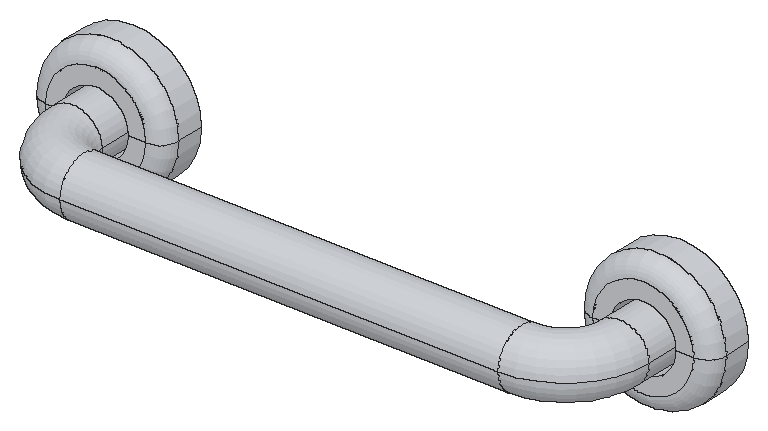
Revit family "SSC_Straight Rail", category Generic Models, Revit 2013
Parameters (values of type "300 x 32mm (SSC3032)")
  Wall-Rail Center Offset = 71.0 mm
  URL = "http://www.surecare.com.au/"
  Rail Radius = 16.0 mm
  Rail Center Height = 784.0 mm
  Model = "SSC3032"
  Manufacturer = "SURE CARE"
  Length = 300.0 mm
  Description = "300mm long x 32mm diameter straight rail concealed fixing"
Types (2, lengths in mm): name | Wall-Rail Center Offset | Rail Radius | Rail Center Height | Model | Length | Description
  300 x 32mm (SSC3032) | 71.0 | 16.0 | 784.0 | "SSC3032" | 300.0 | "300mm long x 32mm diameter straight rail concealed fixing"
  250 x 19mm (SSC2519) | 64.5 | 9.5 | 800.0 | "SSC2519" | 250.0 | "250mm long x 19mm diameter straight rail concealed fixing"
Reference planes
  plane 1 "Center (Front/Back)": y = 0
  plane 2: z = 0
  plane 3 "Center (Left/Right)": x = 0
  plane 4 "Top Height": z = 784
  plane 5: x = -150
  plane 6: x = 150
  plane 7 "Center Offset": y = -71
  plane 8: x = -187.5
  plane 9: y = -25
  plane 10: x = -166
  plane 11: x = -168
  plane 12: x = 187.5
  plane 13: x = 166
  plane 14: x = 168
  plane 15: x = -112.5
  plane 16: x = 112.5
  plane 17: y = -55
  plane 18: y = -87
  plane 19: x = -134
  plane 20: x = 134
  plane 21: z = 800
  plane 22: z = 768
Forms (mm)
  Sweep 1, solid
    path origin (0, 0, 784) x (-1, 0, 0) y (0, -1, 0)
      loop
        line (150, 0) -> (150, 41)
        arc (150, 41) -> (141.213, 62.213) -> (120, 71) r 30
        line (120, 71) -> (-120, 71)
        arc (-120, 71) -> (-141.213, 62.213) -> (-150, 41) r 30
        line (-150, 41) -> (-150, 0)
    profile origin (-150, -20.5, 784) x (1, 0, 0) y (0, 0, 1)
      loop
        circle (0, 0) r 16
  Revolve 2, solid
    sketch origin (0, 0, 784) x (-1, 0, 0) y (0, -1, 0)
      loop
        line (187.5, 0) -> (187.5, 15)
        arc (187.5, 15) -> (184.571, 22.071) -> (177.5, 25) r 10
        line (177.5, 25) -> (168, 25) -> (168, 0) -> (187.5, 0)
      axis (150, 0) -> (150, 25)
    angle from 0 to 360
  Revolve 3, solid
    sketch origin (0, 0, 784) x (1, 0, 0) y (0, -1, 0)
      loop
        line (187.5, 0) -> (187.5, 15)
        arc (187.5, 15) -> (184.571, 22.071) -> (177.5, 25) r 10
        line (177.5, 25) -> (168, 25) -> (168, 0) -> (187.5, 0)
      axis (150, 0) -> (150, 25)
    angle from 0 to 360
Dimensions and locks
  "Rail Center Height": plane 4 "Top Height" to plane 2
  "Wall-Rail Center Offset": plane 7 "Center Offset" to plane 1 "Center (Front/Back)"
  plane 8 to plane 5 = 37.5 mm
  equal spacing: plane 5, plane 3 "Center (Left/Right)", plane 6
  "Length": plane 5 to plane 6
  plane 1 "Center (Front/Back)" to plane 9 = 25.0 mm
  "Rail Radius": plane 10 to plane 5
  plane 11 to plane 10 = 2.0 mm
  "Rail Radius": plane 6 to plane 13
  plane 13 to plane 14 = 2.0 mm
  plane 6 to plane 12 = 37.5 mm
  plane 5 to plane 15 = 37.5 mm
  plane 16 to plane 6 = 37.5 mm
  "Rail Radius": plane 17 to plane 7 "Center Offset"
  "Rail Radius": plane 7 "Center Offset" to plane 18
  "Rail Radius": plane 5 to plane 19
  "Rail Radius": plane 20 to plane 6
  "Rail Radius": plane 21 to plane 4 "Top Height"
  "Rail Radius": plane 4 "Top Height" to plane 22
  plane 1 "Center (Front/Back)" to plane 17 = 55.0 mm
  "Rail Radius": radius of Sweep 1 sketch curve
  radius of Revolve 3 sketch curve = 10.0 mm
  aligned and locked: level to plane 2
  aligned and locked: Sweep 1 sketch curve to plane 7 "Center Offset"
  aligned and locked: Sweep 1 sketch curve to plane 5
  aligned and locked: plane 6 to Sweep 1 sketch curve
  aligned and locked: plane 1 "Center (Front/Back)" to Sweep 1 sketch curve  (x2)
  aligned and locked: Revolve 2 sketch curve to plane 5
  aligned and locked: Revolve 2 to plane 9
  aligned and locked: Revolve 2 sketch curve to plane 11
  aligned and locked: plane 9 to Revolve 3
  aligned and locked: plane 12 to Revolve 3 sketch curve
  aligned and locked: plane 14 to Revolve 3 sketch curve
Automatic sketch dimensions
  Sweep 1 sketch curve to plane 6 = 30.0 mm
  Sweep 1 sketch curve to Sweep 1 sketch curve = 30.0 mm
  Sweep 1 sketch curve to plane 4 "Top Height" = 0.0 mm
  profile plane to Sweep 1 sketch curve = 0.0 mm
  Revolve 3 sketch curve to plane 6 = 0.0 mm
  plane 1 "Center (Front/Back)" to Revolve 3 sketch curve = 0.0 mm
  plane 1 "Center (Front/Back)" to Revolve 3 sketch curve = 1442.421 mm
  plane 7 "Center Offset" to Revolve 3 sketch curve = 2766.516 mm
  plane 1 "Center (Front/Back)" to Revolve 2 sketch curve = 0.0 mm
  plane 8 to Revolve 2 sketch curve = 10.0 mm
  Revolve 2 sketch curve to plane 1 "Center (Front/Back)" = 1442.421 mm
  Revolve 2 sketch curve to plane 7 "Center Offset" = 2766.516 mm
  Revolve 2 sketch curve to plane 8 = 0.0 mm
  plane 1 "Center (Front/Back)" to Revolve 2 sketch curve = 15.0 mm
  Revolve 3 sketch curve to plane 9 = 0.0 mm
